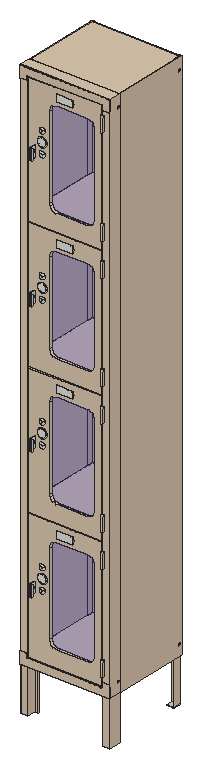
Revit family "Metal_Lockers-Salsbury_Industries-S_64000_Series-1_Wide_Units", category Specialty Equipment, Revit 2016 (continued)
Definition of nested family "See-Through Metal Locker Doors-12 inch with Latch Hasps"
  Forms (in)
    Extrusion 3, solid, material <- "Primary Structure Material", visible <- "Visible", detail levels fine
      sketch origin (0, 0, 3.218) x (0, -1, 0) y (1, 0, 0)
        loop
          line (0.3, 5.2005) -> (0.175, 5.2005) -> (0.175, 4.9505)
      from 0 to -2
    Extrusion 4, void
      sketch origin (0, -0.175, 0) x (1, 0, 0) y (0, 0, 1)
        loop
          line (-4.263, 9.399) -> (-4.263, 7.961) -> (-4.013, 7.961) -> (-4.013, 9.399) -> (-4.263, 9.399)
      from -0.9 to 0
    Blend 5, solid, material <- "Hasp Plate Rivet Material", visible <- "Visible", detail levels medium+fine
      base sketch origin (0, -0.175, 0) x (1, 0, 0) y (0, 0, 1)
        loop
          circle (-3.076, 8.68) r 0.375
      top sketch origin (0, -0.175, 0) x (1, 0, 0) y (0, 0, 1)
        loop
          circle (-3.076, 8.68) r 0.09706
      from 0 to 0.03497
    Blend 6, solid, material <- "Hasp Plate Rivet Material", visible <- "Visible", detail levels medium+fine
      base sketch origin (0, -0.175, 2.83682) x (1, 0, 0) y (0, 0, 1)
        loop
          circle (-3.076, 8.68) r 0.375
      top sketch origin (0, -0.175, 2.83682) x (1, 0, 0) y (0, 0, 1)
        loop
          circle (-3.076, 8.68) r 0.09706
      from 0 to 0.03497
    Blend 7, solid, material <- "Hasp Plate Rivet Material", visible <- "Visible", detail levels medium+fine
      base sketch origin (0, -0.175, -0.16841) x (1, 0, 0) y (0, 0, 1)
        loop
          circle (-3.076, 10.26682) r 0.625
      top sketch origin (0, -0.175, -0.16841) x (1, 0, 0) y (0, 0, 1)
        loop
          circle (-3.076, 10.26682) r 0.58088
      from 0 to 0.03497
    Extrusion 8, solid, material <- "Hasp Plate Rivet Material", visible <- "Visible", detail levels medium+fine
      sketch origin (0, 0, 7.961) x (0, -1, 0) y (1, 0, 0)
        loop
          line (-0.175, -4.07527) -> (-0.175, -4.13777) -> (0.925, -4.13777)
          arc (0.925, -4.13777) -> (0.96919, -4.11946) -> (0.9875, -4.07527) r 0.0625
          line (0.9875, -4.07527) -> (0.9875, -3.76277) -> (0.93079, -3.76277) -> (0.93079, -4.0127)
          arc (0.93079, -4.0127) -> (0.91246, -4.05694) -> (0.86822, -4.07527) r 0.06257
          line (0.86822, -4.07527) -> (-0.175, -4.07527)
      from 0 to 1.438
    Extrusion 9, solid, material <- "Hasp Plate Rivet Material", visible <- "Visible", detail levels medium+fine
      sketch origin (0, 0, 7.961) x (0, -1, 0) y (1, 0, 0)
        loop
          line (-0.175, -4.20027) -> (0.9875, -4.20027) -> (0.9875, -4.13777) -> (-0.175, -4.13777) -> (-0.175, -4.20027)
      from 0 to 1.438
    Extrusion 10, void
      sketch origin (-4.013, 0, 0) x (0, 0, -1) y (0, -1, 0)
        loop
          circle (-8.68, 0.54719) r 0.375
      from 0 to 0.25
    Extrusion 11, solid, material <- "Window Panel"
      sketch origin (0, 0.175, 0) x (1, 0, 0) y (0, 0, 1)
        loop
          line (-2.2995, 15.43) -> (-2.2995, 1.93) -> (4.2005, 1.93) -> (4.2005, 15.43) -> (-2.2995, 15.43)
      from 0 to -0.25
    Extrusion 12, solid, material <- "Hasp Plate Rivet Material", detail levels medium+fine
      sketch origin (0, -0.175, 0) x (1, 0, 0) y (0, 0, 1)
        loop
          arc (-1.06847, 16.58622) -> (-1.0946, 16.12349) -> (-1.06847, 15.66075) r 4.11054
          arc (-1.06847, 15.66075) -> (0, 15.622) -> (1.06847, 15.66075) r 14.75
          arc (1.06847, 15.66075) -> (1.0946, 16.12349) -> (1.06847, 16.58622) r 4.11054
          arc (1.06847, 16.58622) -> (0, 16.61467) -> (-1.06847, 16.58622) r 20.07893
      from 0 to 0.03497
  Cuts and joins
    Extrusion 4 cuts Extrusion 1
    Extrusion 10 cuts Extrusion 8
    Extrusion 10 cuts Extrusion 9
  Lines and regions (in)
    symbolic lines
      curve 1: line (-4.9505, 0.175, 17.36) -> (4.9505, 0.175, 17.36)
      curve 2: line (-4.9505, 0.175, 0) -> (-4.9505, 0.175, 17.36)
      curve 3: line (4.9505, 0.175, 0) -> (-4.9505, 0.175, 0)
      curve 4: line (4.9505, 0.175, 17.36) -> (4.9505, 0.175, 0)
      curve 5: line (-1.0495, 0.175, 15.18) -> (2.9505, 0.175, 15.18)
      curve 6: line (3.9505, 0.175, 14.18) -> (3.9505, 0.175, 3.18)
      curve 7: line (2.9505, 0.175, 2.18) -> (-1.0495, 0.175, 2.18)
      curve 8: line (-2.0495, 0.175, 3.18) -> (-2.0495, 0.175, 14.18)
      curve 9: arc (-2.0495, 0.175, 14.18) -> (-1.75661, 0.175, 14.88711) -> (-1.0495, 0.175, 15.18) r 1
      curve 10: arc (3.9505, 0.175, 14.18) -> (3.65761, 0.175, 14.88711) -> (2.9505, 0.175, 15.18) r 1
      curve 11: arc (2.9505, 0.175, 2.18) -> (3.65761, 0.175, 2.47289) -> (3.9505, 0.175, 3.18) r 1
      curve 12: arc (-1.0495, 0.175, 2.18) -> (-1.75661, 0.175, 2.47289) -> (-2.0495, 0.175, 3.18) r 1
      curve 13: circle (-3.076, 0.175, 11.51682) r 0.375 normal (0, -1, 0)
      curve 14: circle (-3.076, 0.175, 8.68) r 0.375 normal (0, -1, 0)
      curve 15: circle (-3.076, 0.175, 10.09841) r 0.625 normal (0, -1, 0)
      curve 16: line (-4.263, 0.175, 9.399) -> (-3.76277, 0.175, 9.399)
      curve 17: line (-4.263, 0.175, 7.961) -> (-4.263, 0.175, 9.399)
      curve 18: line (-3.76277, 0.175, 7.961) -> (-4.263, 0.175, 7.961)
      curve 19: line (-3.76277, 0.175, 9.399) -> (-3.76277, 0.175, 7.961)
      curve 20: line (-4.13777, 0.175, 9.399) -> (-4.13777, 0.175, 7.961)
      curve 21: line (-4.013, -0.9875, 9.399) -> (-4.013, -0.175, 9.399)
      curve 22: line (-4.013, -0.9875, 7.961) -> (-4.013, -0.9875, 9.399)
      curve 23: line (-4.013, -0.175, 7.961) -> (-4.013, -0.9875, 7.961)
      curve 24: line (-4.013, -0.175, 9.399) -> (-4.013, -0.175, 7.961)
      curve 25: circle (-4.013, -0.55258, 8.68) r 0.37238 normal (-1, 0, 0)
      curve 26: line (-4.20027, -0.175, 0) -> (-4.13777, -0.175, 0)
      curve 27: line (-4.20027, -0.9875, 0) -> (-4.20027, -0.175, 0)
      curve 28: line (-4.13777, -0.9875, 0) -> (-4.20027, -0.9875, 0)
      curve 29: line (-4.13777, -0.175, 0) -> (-4.13777, -0.9875, 0)
      curve 30: line (-4.07527, -0.17219, 0) -> (-4.07527, -0.86822, 0)
      curve 31: line (-3.76277, -0.93079, 0) -> (-4.0127, -0.93079, 0)
      curve 32: line (-3.76277, -0.93079, 0) -> (-3.76277, -0.9875, 0)
      curve 33: line (-3.76277, -0.9875, 0) -> (-4.07527, -0.9875, 0)
      curve 34: arc (-4.0127, -0.93079, 0) -> (-4.05694, -0.91246, 0) -> (-4.07527, -0.86822, 0) r 0.06257
      curve 35: arc (-4.07527, -0.9875, 0) -> (-4.11946, -0.96919, 0) -> (-4.13777, -0.925, 0) r 0.0625
  Dimensions and locks (in)
    equal spacing: plane 5 "Top of Door", plane 4 "Center (Top/Bottom)", plane 2 "Bottom of Door"
    "Height": plane 5 "Top of Door" to plane 2 "Bottom of Door"
    equal spacing: plane 8 "Front of Door", plane 1 "Center (Front/Back)", plane 9 "Back of Door"
    "Depth": plane 8 "Front of Door" to plane 9 "Back of Door"
    equal spacing: plane 7 "Left Side of Door", plane 3 "Center (Left/Right)", plane 6 "Right Side of Door"
    "Width": plane 7 "Left Side of Door" to plane 6 "Right Side of Door"
    "Number Plate Alignment": plane 5 "Top of Door" to plane 10 "Top of Number Plate" to plane 18
    "Window Width": plane 15 "Left Side of Window Cut Out" to plane 16 "Right Side of Window Cut Out"
    "Top of Window Vertical Alignment": plane 5 "Top of Door" to plane 11 "Top of Window Cut Out"
    "Window Height": plane 11 "Top of Window Cut Out" to plane 12 "Bottom of Window Cut Out"
    plane 25 "Top Hasp Stud Align" to plane 24 "Center Hasp Stud Align" to plane 13 "Top of Hasp Alignment" to plane 4 "Center (Top/Bottom)" to plane 14 "Bottom of Hasp Alignment" = 1.41841", 0.69941", 0.719", 0.719"
    "Hasp Height": plane 13 "Top of Hasp Alignment" to plane 14 "Bottom of Hasp Alignment"
    locked: plane 17 "Front of Louvers" to plane 8 "Front of Door" at 0.1875
    "Hinge 1 Placement": plane 5 "Top of Door" to plane 21 "Top of Hinge 1"
    "Hinge 2 Placement": plane 5 "Top of Door" to plane 20 "Top of Hinge 2"
    plane 7 "Left Side of Door" to plane 22 "Left Hasp Hole Align" to plane 23 "Right Hasp Hole Align" to plane 26 "Vertical Hasp Stud Align" = 0.6875" locked, 0.250" locked, 0.937" locked
    equal spacing: plane 15 "Left Side of Window Cut Out", plane 28 "Center of Window", plane 16 "Right Side of Window Cut Out"
    locked: plane 16 "Right Side of Window Cut Out" to plane 6 "Right Side of Door" at 1
    plane 32 to plane 31 = 1.000"
    plane 29 to plane 30 = 1.000"
    plane 33 to plane 34 = 1.000"
    plane 35 to plane 36 = 1.000"
    locked: plane 12 "Bottom of Window Cut Out" to plane 39 "Bottom of Window" at 0.25
    locked: plane 37 "Left Side of Window" to plane 15 "Left Side of Window Cut Out" at 0.25
    locked: plane 16 "Right Side of Window Cut Out" to plane 38 "Right Side of Window" at 0.25
    locked: plane 40 "Top of Window" to plane 11 "Top of Window Cut Out" at 0.25
    plane 23 "Right Hasp Hole Align" to plane 41 = 0.25023"
    plane 42 to plane 17 "Front of Louvers" = 0.625"
    aligned and locked: level to plane 2 "Bottom of Door"
    aligned and locked: plane 5 "Top of Door" to Extrusion 1 sketch curve
    aligned and locked: Extrusion 1 sketch curve to plane 7 "Left Side of Door"
    aligned and locked: plane 2 "Bottom of Door" to Extrusion 1 sketch curve
    aligned and locked: plane 6 "Right Side of Door" to Extrusion 1 sketch curve
    aligned and locked: plane 13 "Top of Hasp Alignment" to Extrusion 4 sketch curve
    aligned and locked: Extrusion 4 sketch curve to plane 22 "Left Hasp Hole Align"
    aligned and locked: Extrusion 4 sketch curve to plane 14 "Bottom of Hasp Alignment"
    aligned and locked: plane 23 "Right Hasp Hole Align" to Extrusion 4 sketch curve
    aligned and locked: plane 25 "Top Hasp Stud Align" to Blend 6 sketch curve  (x2)
    aligned and locked: plane 4 "Center (Top/Bottom)" to Blend 5 sketch curve  (x2)
    aligned and locked: plane 24 "Center Hasp Stud Align" to Blend 7 sketch curve  (x2)
    aligned and locked: plane 27 "Vertical Center Hasp Align" to Extrusion 9 sketch curve
    aligned and locked: plane 27 "Vertical Center Hasp Align" to Extrusion 8 sketch curve
    aligned and locked: plane 4 "Center (Top/Bottom)" to Extrusion 10 sketch curve
    aligned and locked: plane 11 "Top of Window Cut Out" to plane 29
    aligned and locked: plane 12 "Bottom of Window Cut Out" to plane 31
    aligned and locked: plane 16 "Right Side of Window Cut Out" to plane 36
    aligned and locked: plane 15 "Left Side of Window Cut Out" to plane 33
    aligned and locked: plane 29 to Extrusion 1 sketch curve  (x2)
    aligned and locked: plane 30 to Extrusion 1 sketch curve  (x2)
    aligned and locked: Extrusion 1 sketch curve to plane 33
    aligned and locked: Extrusion 1 sketch curve to plane 34
    aligned and locked: Extrusion 1 sketch curve to plane 36
    aligned and locked: Extrusion 1 sketch curve to plane 35
    aligned and locked: plane 31 to Extrusion 1 sketch curve  (x2)
    aligned and locked: plane 32 to Extrusion 1 sketch curve  (x2)
    aligned and locked: plane 33 to Extrusion 1 sketch curve
    aligned and locked: plane 34 to Extrusion 1 sketch curve
    aligned and locked: plane 36 to Extrusion 1 sketch curve
    aligned and locked: plane 35 to Extrusion 1 sketch curve
    aligned and locked: plane 8 "Front of Door" to cut or joined group of Extrusion 1, Extrusion 4
    aligned and locked: cut or joined group of Extrusion 1, Extrusion 4 to plane 9 "Back of Door"
    aligned and locked: plane 5 "Top of Door" to curve 1
    aligned and locked: curve 2 to plane 7 "Left Side of Door"
    aligned and locked: plane 6 "Right Side of Door" to curve 4
    aligned and locked: plane 2 "Bottom of Door" to curve 3
    aligned and locked: curve 5 to cut or joined group of Extrusion 1, Extrusion 4
    aligned and locked: curve 6 to cut or joined group of Extrusion 1, Extrusion 4
    aligned and locked: curve 7 to cut or joined group of Extrusion 1, Extrusion 4
    aligned and locked: curve 8 to cut or joined group of Extrusion 1, Extrusion 4
    aligned and locked: plane 13 "Top of Hasp Alignment" to curve 16
    aligned and locked: curve 18 to plane 14 "Bottom of Hasp Alignment"
    aligned and locked: curve 17 to plane 22 "Left Hasp Hole Align"
    aligned and locked: plane 41 to curve 19
    aligned and locked: plane 14 "Bottom of Hasp Alignment" to curve 20
    aligned and locked: plane 13 "Top of Hasp Alignment" to curve 20
    aligned and locked: plane 27 "Vertical Center Hasp Align" to curve 20
    aligned and locked: plane 8 "Front of Door" to curve 24
    aligned and locked: curve 23 to plane 14 "Bottom of Hasp Alignment"
    aligned and locked: plane 13 "Top of Hasp Alignment" to curve 21
    aligned and locked: curve 22 to plane 42
    aligned and locked: plane 27 "Vertical Center Hasp Align" to curve 29
    aligned and locked: curve 27 to plane 43
    aligned and locked: plane 8 "Front of Door" to curve 26
    aligned and locked: curve 30 to cut or joined group of Extrusion 8, Extrusion 10
    aligned and locked: curve 31 to cut or joined group of Extrusion 8, Extrusion 10
    aligned and locked: curve 32 to cut or joined group of Extrusion 8, Extrusion 10
    aligned and locked: curve 33 to cut or joined group of Extrusion 8, Extrusion 10
  Automatic sketch dimensions
    Extrusion 2 sketch curve to plane 6 "Right Side of Door" = 0.000"
    plane 8 "Front of Door" to Extrusion 2 sketch curve = 0.000"
    Extrusion 2 sketch curve to plane 17 "Front of Louvers" = 0.0625"
    Extrusion 2 sketch curve to plane 6 "Right Side of Door" = 0.125"
    Extrusion 3 sketch curve to plane 6 "Right Side of Door" = 0.000"
    plane 8 "Front of Door" to Extrusion 3 sketch curve = 0.000"
    Extrusion 3 sketch curve to plane 17 "Front of Louvers" = 0.0625"
    Extrusion 3 sketch curve to plane 6 "Right Side of Door" = 0.125"
    plane 26 "Vertical Hasp Stud Align" to Blend 5 sketch curve = 0.000"  (x2)
    plane 26 "Vertical Hasp Stud Align" to Blend 6 sketch curve = 0.000"  (x2)
    Extrusion 8 sketch curve to plane 1 "Center (Front/Back)" = 0.175"
    plane 23 "Right Hasp Hole Align" to Extrusion 8 sketch curve = 0.06227"
    Extrusion 8 sketch curve to plane 23 "Right Hasp Hole Align" = 0.0003"
    plane 17 "Front of Louvers" to Extrusion 8 sketch curve = 0.50572"
    Extrusion 8 sketch curve to Extrusion 8 sketch curve = 0.05678"
    Extrusion 8 sketch curve to Extrusion 8 sketch curve = 0.24993"
    plane 9 "Back of Door" to Extrusion 9 sketch curve = 0.000"
    plane 17 "Front of Louvers" to Extrusion 9 sketch curve = 0.625"
    Extrusion 9 sketch curve to plane 22 "Left Hasp Hole Align" = 0.06273"
    Extrusion 8 sketch curve to Extrusion 8 sketch curve = 0.06257"
    plane 17 "Front of Louvers" to Extrusion 10 sketch curve = 0.18469"
    plane 26 "Vertical Hasp Stud Align" to Blend 7 sketch curve = 0.000"  (x2)
    plane 37 "Left Side of Window" to Extrusion 11 sketch curve = 0.000"
    plane 38 "Right Side of Window" to Extrusion 11 sketch curve = 0.000"
    Extrusion 11 sketch curve to plane 39 "Bottom of Window" = 0.000"
    plane 40 "Top of Window" to Extrusion 11 sketch curve = 0.000"
    Extrusion 12 sketch curve to plane 3 "Center (Left/Right)" = 0.000"  (x2)
    Extrusion 12 sketch curve to plane 26 "Vertical Hasp Stud Align" = 0.06006"
    plane 21 "Top of Hinge 1" to Extrusion 12 sketch curve = 0.11151"  (x2)
    plane 16 "Right Side of Window Cut Out" to Extrusion 12 sketch curve = 0.93456"
    Extrusion 12 sketch curve to level = 3.46426"
    Extrusion 12 sketch curve to plane 5 "Top of Door" = 13.012"
    plane 10 "Top of Number Plate" to Extrusion 12 sketch curve = 0.03578"  (x2)
    Extrusion 12 sketch curve to plane 19 "Center Hasp" = 0.70703"
    Extrusion 12 sketch curve to plane 18 = 0.03875"
    curve 13 to plane 25 "Top Hasp Stud Align" = 0.000"
    plane 26 "Vertical Hasp Stud Align" to curve 13 = 0.000"
    curve 14 to plane 4 "Center (Top/Bottom)" = 0.000"
    plane 26 "Vertical Hasp Stud Align" to curve 14 = 0.000"
    curve 15 to plane 24 "Center Hasp Stud Align" = 0.000"
    plane 26 "Vertical Hasp Stud Align" to curve 15 = 0.000"
    curve 7 to plane 19 "Center Hasp" = 0.726"
    curve 5 to plane 19 "Center Hasp" = 0.726"
    plane 16 "Right Side of Window Cut Out" to curve 7 = 1.000"
    plane 16 "Right Side of Window Cut Out" to curve 5 = 1.000"
    plane 4 "Center (Top/Bottom)" to curve 25 = 0.000"
    plane 17 "Front of Louvers" to curve 25 = 0.19008"
    plane 42 to curve 29 = 0.000"
    curve 35 to curve 30 = 0.000"
    curve 34 to plane 23 "Right Hasp Hole Align" = 0.0003"
    curve 30 to plane 8 "Front of Door" = 0.00281"
    radius of Blend 5 sketch curve = 0.375"
    radius of Blend 5 sketch curve = 0.09706"
    radius of Blend 6 sketch curve = 0.375"
    radius of Blend 6 sketch curve = 0.09706"
    radius of Extrusion 10 sketch curve = 0.375"
    radius of Blend 7 sketch curve = 0.625"
    radius of Blend 7 sketch curve = 0.58088"
    radius of curve 13 = 0.375"
    radius of curve 14 = 0.375"
    radius of curve 15 = 0.625"
    radius of curve 25 = 0.37238"
Definition of nested family "Metal Locker Front Base"
  Parameters (values of type "77742 - for 12" W Lockers with Legs")
    Width = 10.040"
    Visible [instance] = yes
    Version = "1.0 (11/30/15)"
    Type Comments = "Front Base for Standard Metal Lockers"
    Primary Structure Material = none
    Model = "77742"
    MasterFormat Title = ""
    MasterFormat Number = ""
    Manufacturer = "Salsbury Industries"
    Description = "Front Base for 12\" Wide Lockers"
    Depth = 1.185"
    Height = 6.000"
    Assembly Code = ""
  Types (3): name | Width | Visible | Model | Description
    77742 - for 12" W Lockers with Legs | 10.040" | yes | "77742" | "Front Base for 12\" Wide Lockers"
    77745 - for 15" W Lockers with Legs | 13.040" | yes | "77745" | "Front Base for 15\" Wide Lockers"
    None | 10.040" | no | "77742" | "Front Base for 12\" Wide Lockers"
  Reference planes (in)
    plane 1 "Center (Front/Back)": y = -5.417
    plane 2: z = 0
    plane 3 "Center (Left/Right)": x = 0
    plane 4 "Floor": z = 0
    plane 5 "Top of Enclosure": z = 6
    plane 6 "Front of Enclosure": y = -6.005
    plane 7 "Right Side of Enclosure": x = 5.02
    plane 8 "Left Side of Enclosure": x = -5.02
    plane 9 "Back of Enclosure": y = -4.82
  Forms (in)
    Extrusion 1, solid, material <- "Primary Structure Material", visible <- "Visible"
      sketch origin (0, -6.005, 0) x (1, 0, 0) y (0, 0, 1)
        loop
          line (-5.02, 6) -> (-5.02, 0) -> (5.02, 0) -> (5.02, 6) -> (-5.02, 6)
      from -0.06 to 0
    Extrusion 2, solid, material <- "Primary Structure Material", visible <- "Visible"
      sketch origin (0, 0, 0) x (0, 1, 0) y (0, 0, 1)
        loop
          line (-5.945, 6) -> (-5.945, 5.94) -> (-4.82, 5.94) -> (-4.82, 6) -> (-5.945, 6)
      from -5.02 to 5.02
    Extrusion 3, solid, material <- "Primary Structure Material", visible <- "Visible"
      sketch origin (5.02, 0, 0) x (0, 0, -1) y (0, -1, 0)
        loop
          line (-5.75, 5.945) -> (-5.75, 4.82) -> (-0.25, 4.82) -> (-0.25, 5.945) -> (-5.75, 5.945)
      from 0 to 0.06
    Extrusion 4, solid, material <- "Primary Structure Material", visible <- "Visible"
      sketch origin (-5.02, 0, 0) x (0, 0, -1) y (0, -1, 0)
        loop
          line (-5.75, 5.945) -> (-5.75, 4.82) -> (-0.25, 4.82) -> (-0.25, 5.945) -> (-5.75, 5.945)
      from 0 to -0.06
  Dimensions and locks (in)
    "Height": plane 5 "Top of Enclosure" to plane 4 "Floor"
    plane 6 "Front of Enclosure" to plane 1 "Center (Front/Back)" = 0.588"
    "Depth": plane 6 "Front of Enclosure" to plane 9 "Back of Enclosure"
    equal spacing: plane 8 "Left Side of Enclosure", plane 3 "Center (Left/Right)", plane 7 "Right Side of Enclosure"
    "Width": plane 8 "Left Side of Enclosure" to plane 7 "Right Side of Enclosure"
    aligned and locked: level to plane 2
    aligned and locked: plane 8 "Left Side of Enclosure" to Extrusion 2
    aligned and locked: Extrusion 2 to plane 7 "Right Side of Enclosure"
    aligned and locked: Extrusion 1 to plane 7 "Right Side of Enclosure"
  Automatic sketch dimensions
    Extrusion 1 sketch curve to Extrusion 1 sketch curve = 10.040"
    Extrusion 1 sketch curve to Extrusion 1 sketch curve = 6.000"
    Extrusion 2 sketch curve to Extrusion 2 sketch curve = 1.125"
    Extrusion 2 sketch curve to Extrusion 2 sketch curve = 0.060"
    Extrusion 3 sketch curve to Extrusion 3 sketch curve = 5.500"
    Extrusion 3 sketch curve to Extrusion 3 sketch curve = 1.125"
    Extrusion 4 sketch curve to Extrusion 4 sketch curve = 5.500"
    Extrusion 4 sketch curve to Extrusion 4 sketch curve = 1.125"
    Extrusion 1 sketch curve to level = 0.000"
    plane 8 "Left Side of Enclosure" to Extrusion 1 sketch curve = 0.000"
    plane 5 "Top of Enclosure" to Extrusion 2 sketch curve = 0.000"
    Extrusion 2 sketch curve to plane 9 "Back of Enclosure" = 0.000"
    Extrusion 3 sketch curve to plane 9 "Back of Enclosure" = 0.000"
    plane 5 "Top of Enclosure" to Extrusion 3 sketch curve = 0.250"
    Extrusion 4 sketch curve to plane 9 "Back of Enclosure" = 0.000"
    plane 5 "Top of Enclosure" to Extrusion 4 sketch curve = 0.250"
Definition of nested family "Metal Locker Right Side Base"
  Parameters (values of type "77732 Right - for 12" D Lockers with Legs")
    Width including Rivet [instance] = 1.290"
    Visible = yes
    Primary Structure Material = none
    Depth = 10.422"
    Version = "1.0 (11/30/15)"
    Type Comments = "End Base for Standard Metal Lockers"
    Model = "77732"
    MasterFormat Title = ""
    MasterFormat Number = ""
    Manufacturer = "Salsbury Industries"
    Description = "1.25\"W x 6\" H x 10\"D"
    Width = 1.250"
    Height = 6.000"
    Assembly Code = ""
  Types (4): name | Visible | Depth | Model | Description
    77732 Right - for 12" D Lockers with Legs | yes | 10.422" | "77732" | "1.25\"W x 6\" H x 10\"D"
    77735 Right - for 15" D Lockers with Legs | yes | 13.422" | "77735" | "1.25\"W x 6\" H x 13\"D"
    77738 Right - for 18" D Lockers with Legs | yes | 16.422" | "77738" | "1.25\"W x 6\" H x 16\"D"
    None | no | 10.422" | "" | ""
  Reference planes (in)
    plane 1 "Center (Front/Back)": y = 0
    plane 2: z = 0
    plane 3 "Center (Left/Right)": x = 5.395
    plane 4 "Floor": z = 0
    plane 5 "Top of Enclosure": z = 6
    plane 6 "Left Side of Unit": x = 4.77
    plane 7 "Right Side of Unit": x = 6.02
    plane 8 "Left Edge of Enclosure": y = -5.211
    plane 9 "Right Edge of Enclosure": y = 5.211
    plane 10 "Left Edge of Insert": y = -6.27647
    plane 11 "Right Edge of Insert": y = -5.15147
    plane 12 "Rivet Edge": x = 6.06
  Forms (in)
    Extrusion 1, solid, material <- "Primary Structure Material", visible <- "Visible"
      sketch origin (6.02, 0, 0) x (0, 0, -1) y (0, -1, 0)
        loop
          line (-6, 5.211) -> (-6, -5.211) -> (0, -5.211) -> (0, 5.211) -> (-6, 5.211)
      from 0 to 0.06
    Extrusion 2, solid, material <- "Primary Structure Material", visible <- "Visible"
      sketch origin (0, 0, 6) x (0, -1, 0) y (1, 0, 0)
        loop
          line (5.15147, 5.96) -> (5.15147, 5.9) -> (6.27647, 5.9) -> (6.27647, 5.96) -> (5.15147, 5.96)
      from -6 to 0
    Extrusion 3, solid, material <- "Primary Structure Material", visible <- "Visible"
      sketch origin (6.02, 0, 0) x (0, 0, -1) y (0, -1, 0)
        loop
          line (-6, 4.90147) -> (-6, -3.961) -> (-5.94, -3.961) -> (-5.94, 4.90147) -> (-6, 4.90147)
      from 0.06 to 1.25
    Extrusion 4, solid, material <- "Primary Structure Material", visible <- "Visible"
      sketch origin (6.02, 0, -5.94) x (0, 0, -1) y (0, -1, 0)
        loop
          line (-6, 4.90147) -> (-6, -3.961) -> (-5.94, -3.961) -> (-5.94, 4.90147) -> (-6, 4.90147)
      from 0.06 to 1.25
  Dimensions and locks (in)
    "Height": plane 5 "Top of Enclosure" to plane 4 "Floor"
    plane 10 "Left Edge of Insert" to plane 8 "Left Edge of Enclosure" to plane 11 "Right Edge of Insert" = 1.06547" locked, 0.05953" locked
    equal spacing: plane 8 "Left Edge of Enclosure", plane 1 "Center (Front/Back)", plane 9 "Right Edge of Enclosure"
    "Depth": plane 8 "Left Edge of Enclosure" to plane 9 "Right Edge of Enclosure"
    equal spacing: plane 6 "Left Side of Unit", plane 3 "Center (Left/Right)", plane 7 "Right Side of Unit"
    "Width": plane 6 "Left Side of Unit" to plane 7 "Right Side of Unit"
    locked: plane 7 "Right Side of Unit" to plane 12 "Rivet Edge" at 0.04
    "Width including Rivet": plane 6 "Left Side of Unit" to plane 12 "Rivet Edge"
    aligned and locked: level to plane 2
    aligned and locked: plane 11 "Right Edge of Insert" to Extrusion 2
    aligned and locked: plane 10 "Left Edge of Insert" to Extrusion 2
    aligned and locked: Extrusion 3 to Extrusion 1
    aligned and locked: plane 6 "Left Side of Unit" to Extrusion 3
  Automatic sketch dimensions
    plane 5 "Top of Enclosure" to Extrusion 1 sketch curve = 0.000"
    Extrusion 1 sketch curve to level = 0.000"
    Extrusion 2 sketch curve to plane 8 "Left Edge of Enclosure" = 0.05953"
    plane 7 "Right Side of Unit" to Extrusion 2 sketch curve = 0.120"
    Extrusion 2 sketch curve to Extrusion 2 sketch curve = 0.060"
    Extrusion 1 sketch curve to plane 8 "Left Edge of Enclosure" = 0.000"
    Extrusion 1 sketch curve to plane 9 "Right Edge of Enclosure" = 0.000"
    plane 10 "Left Edge of Insert" to Extrusion 2 sketch curve = 0.000"
    plane 5 "Top of Enclosure" to Extrusion 3 sketch curve = 0.000"
    Extrusion 3 sketch curve to Extrusion 3 sketch curve = 0.060"
    plane 9 "Right Edge of Enclosure" to Extrusion 3 sketch curve = 1.250"
    Extrusion 3 sketch curve to plane 11 "Right Edge of Insert" = 0.250"
    Extrusion 4 sketch curve to level = 0.000"
    level to Extrusion 4 sketch curve = 0.060"
    plane 9 "Right Edge of Enclosure" to Extrusion 4 sketch curve = 1.250"
    Extrusion 4 sketch curve to plane 11 "Right Edge of Insert" = 0.250"
Definition of nested family "Metal Locker Left Side Base"
  Parameters (values of type "77732 Left - for 12" D Lockers with Legs")
    Width including Rivet [instance] = 1.290"
    Visible = yes
    Primary Structure Material = none
    Depth = 10.422"
    Version = "1.0 (11/30/15)"
    Type Comments = "End Base for Standard Metal Lockers"
    Model = "77732"
    MasterFormat Title = ""
    MasterFormat Number = ""
    Manufacturer = "Salsbury Industries"
    Description = "1.25\"W x 6\" H x 10\"D"
    Width = 1.250"
    Height = 6.000"
    Assembly Code = ""
  Types (4): name | Visible | Depth | Model | Description
    77732 Left - for 12" D Lockers with Legs | yes | 10.422" | "77732" | "1.25\"W x 6\" H x 10\"D"
    77735 Left - for 15" D Lockers with Legs | yes | 13.422" | "77735" | "1.25\"W x 6\" H x 13\"D"
    77738 Left - for 18" D Lockers with Legs | yes | 16.422" | "77738" | "1.25\"W x 6\" H x 16\"D"
    None | no | 10.422" | "" | ""
  Reference planes (in)
    plane 1 "Center (Front/Back)": y = 0
    plane 2: z = 0
    plane 3 "Center (Left/Right)": x = 5.395
    plane 4 "Floor": z = 0
    plane 5 "Top of Enclosure": z = 6
    plane 6 "Left Side of Unit": x = 4.77
    plane 7 "Right Side of Unit": x = 6.02
    plane 8 "Left Edge of Enclosure": y = -5.211
    plane 9 "Right Edge of Enclosure": y = 5.211
    plane 10 "Left Edge of Insert": y = -6.27647
    plane 11 "Right Edge of Insert": y = -5.15147
    plane 12 "Edge of Rivet": x = 4.73
  Forms (in)
    Extrusion 1, solid, material <- "Primary Structure Material", visible <- "Visible"
      sketch origin (6.02, 0, 0) x (0, 0, -1) y (0, -1, 0)
        loop
          line (-6, 4.90147) -> (-6, -3.961) -> (-5.94, -3.961) -> (-5.94, 4.90147) -> (-6, 4.90147)
      from 0 to 1.19
    Extrusion 2, solid, material <- "Primary Structure Material", visible <- "Visible"
      sketch origin (6.02, 0, -5.94) x (0, 0, -1) y (0, -1, 0)
        loop
          line (-6, 4.90147) -> (-6, -3.961) -> (-5.94, -3.961) -> (-5.94, 4.90147) -> (-6, 4.90147)
      from 0 to 1.19
    Extrusion 3, solid, material <- "Primary Structure Material", visible <- "Visible"
      sketch origin (4.77, 0, 0) x (0, 0, -1) y (0, 1, 0)
        loop
          line (-6, -5.211) -> (0, -5.211) -> (0, 5.211) -> (-6, 5.211) -> (-6, -5.211)
      from 0 to 0.06
    Extrusion 4, solid, material <- "Primary Structure Material", visible <- "Visible"
      sketch origin (10.79, 0, 6) x (0, -1, 0) y (1, 0, 0)
        loop
          line (5.15147, -5.96) -> (6.27647, -5.96) -> (6.27647, -5.9) -> (5.15147, -5.9) -> (5.15147, -5.96)
      from -6 to 0
  Dimensions and locks (in)
    "Height": plane 5 "Top of Enclosure" to plane 4 "Floor"
    plane 10 "Left Edge of Insert" to plane 8 "Left Edge of Enclosure" to plane 11 "Right Edge of Insert" = 1.06547" locked, 0.05953" locked
    equal spacing: plane 8 "Left Edge of Enclosure", plane 1 "Center (Front/Back)", plane 9 "Right Edge of Enclosure"
    "Depth": plane 8 "Left Edge of Enclosure" to plane 9 "Right Edge of Enclosure"
    equal spacing: plane 6 "Left Side of Unit", plane 3 "Center (Left/Right)", plane 7 "Right Side of Unit"
    "Width": plane 6 "Left Side of Unit" to plane 7 "Right Side of Unit"
    "Width including Rivet": plane 12 "Edge of Rivet" to plane 7 "Right Side of Unit"
    plane 12 "Edge of Rivet" to plane 6 "Left Side of Unit" = 0.040"
    aligned and locked: level to plane 2
    aligned and locked: Extrusion 1 to Extrusion 3
    aligned and locked: Extrusion 2 to Extrusion 3
  Automatic sketch dimensions
    plane 5 "Top of Enclosure" to Extrusion 1 sketch curve = 0.000"
    Extrusion 1 sketch curve to Extrusion 1 sketch curve = 0.060"
    plane 9 "Right Edge of Enclosure" to Extrusion 1 sketch curve = 1.250"
    Extrusion 1 sketch curve to plane 11 "Right Edge of Insert" = 0.250"
    Extrusion 2 sketch curve to level = 0.000"
    level to Extrusion 2 sketch curve = 0.060"
    plane 9 "Right Edge of Enclosure" to Extrusion 2 sketch curve = 1.250"
    Extrusion 2 sketch curve to plane 11 "Right Edge of Insert" = 0.250"
    plane 5 "Top of Enclosure" to Extrusion 3 sketch curve = 0.000"
    Extrusion 3 sketch curve to level = 0.000"
    Extrusion 3 sketch curve to plane 8 "Left Edge of Enclosure" = 0.000"
    Extrusion 3 sketch curve to plane 9 "Right Edge of Enclosure" = 0.000"
    plane 11 "Right Edge of Insert" to Extrusion 4 sketch curve = 0.000"
    plane 10 "Left Edge of Insert" to Extrusion 4 sketch curve = 0.000"
    plane 6 "Left Side of Unit" to Extrusion 4 sketch curve = 0.120"
    Extrusion 4 sketch curve to Extrusion 4 sketch curve = 0.060"
Definition of nested family "Metal Locker Zee Base"
  Parameters (values of type "77578 - 12"W x 18" D (Bridge)")
    Width = 12.007"
    Visible = yes
    Version = "1.0 (11/30/15)"
    Type Comments = "Zee Base Kit for Standard Metal Lockers - No Legs"
    Primary Structure Material = none
    Model = "77578"
    MasterFormat Title = ""
    MasterFormat Number = ""
    Manufacturer = "Salsbury Industries"
    Description = "4\" H x 6' L - for 12\" Deep Lockers (Includes 6 Foot Front Base, 2 End Bases, Corner Splicer and 4 Rear Legs)"
    Depth = 18.010"
    Height = 4.000"
    Assembly Code = ""
  Types (7): name | Width | Visible | Model | Depth
    77572- 12" W x 12" D | 12.040" | yes | "77572" | 12.010"
    77575 - 12" W x 15" D | 12.040" | yes | "77575" | 15.010"
    77578 - 12"W x 18"D | 12.040" | yes | "77578" | 18.010"
    77575 - 15"W x 15"D | 15.040" | yes | "77575" | 15.010"
    77578 - 15"W x 18"D | 15.040" | yes | "77578" | 18.010"
    None | 12.040" | no | "77572" | 12.010"
    77578 - 12"W x 18" D (Bridge) | 12.007" | yes | "77578" | 18.010"
  Reference planes (in)
    plane 1 "Center (Front/Back)": y = 0
    plane 2: z = 0
    plane 3 "Center (Left/Right)": x = 0
    plane 4 "Floor": z = 0
    plane 5 "Bottom of Unit": z = 4
    plane 6 "Left Side of Unit": x = -6.0035
    plane 7 "Right Side of Unit": x = 6.0035
    plane 8 "Back of Unit": y = 9.005
    plane 9 "Front of Unit": y = -9.005
    plane 10 "Right Side of Door Opening": x = 5.0035
    plane 11 "Left Side of Door Opening": x = -5.0035
    plane 12 "Top of back legs": z = 4.185
    plane 13 "Back Edge of Front Facing": y = -7.417
    plane 14 "Inside Edge of Front Leg": x = -4.5635
    plane 15 "Inside Edge of Right Leg": x = 4.5635
    plane 16: y = -7.82
    plane 17 "Back Edge of Rear Legs": y = 8.895
    plane 18 "Right Edge of Rear Right Leg": x = 5.8835
    plane 19 "Left Edge or Rear Left Leg": x = -5.8835
    plane 20: y = 7.895
    plane 21 "Inside Edge or Rear Right Leg": x = 4.8835
    plane 22 "Inside Edge or Left Rear Leg": x = -4.8835
  Forms (in)
    Extrusion 1, solid, material <- "Primary Structure Material", visible <- "Visible"
      sketch origin (0, 0, 0) x (0, -1, 0) y (1, 0, 0)
        loop
          line (-8.895, 5.8835) -> (-8.895, 4.8835) -> (-8.835, 4.8835) -> (-8.835, 5.8235) -> (-7.895, 5.8235) -> (-7.895, 5.8835) -> (-8.895, 5.8835)
      from 0.06 to 4.185
    Extrusion 2, solid, material <- "Primary Structure Material", visible <- "Visible"
      sketch origin (0, 0, 0) x (0, -1, 0) y (1, 0, 0)
        loop
          line (-8.895, 5.8835) -> (-8.895, 4.8835) -> (-7.895, 4.8835) -> (-7.895, 5.8835) -> (-8.895, 5.8835)
      from 0 to 0.06
    Extrusion 3, solid, material <- "Primary Structure Material", visible <- "Visible"
      sketch origin (0, 0, 0) x (0, -1, 0) y (1, 0, 0)
        loop
          line (-8.895, -5.8835) -> (-7.895, -5.8835) -> (-7.895, -5.8235) -> (-8.835, -5.8235) -> (-8.835, -4.8835) -> (-8.895, -4.8835) -> (-8.895, -5.8835)
      from 0.06 to 4.185
    Extrusion 4, solid, material <- "Primary Structure Material", visible <- "Visible"
      sketch origin (0, 0, 0) x (0, -1, 0) y (1, 0, 0)
        loop
          line (-8.895, -5.8835) -> (-7.895, -5.8835) -> (-7.895, -4.8835) -> (-8.895, -4.8835) -> (-8.895, -5.8835)
      from 0 to 0.06
    Extrusion 5, solid, material <- "Primary Structure Material", visible <- "Visible"
      sketch origin (0, 0, 0) x (0, 1, 0) y (0, 0, 1)
        loop
          line (-9.005, 4) -> (-9.005, 3.94) -> (-7.417, 3.94) -> (-7.417, 0) -> (-5.769, 0) -> (-5.769, 0.06) -> (-7.357, 0.06) -> (-7.357, 4) -> (-9.005, 4)
      from -6.0035 to 6.0035
  Dimensions and locks (in)
    equal spacing: plane 6 "Left Side of Unit", plane 3 "Center (Left/Right)", plane 7 "Right Side of Unit"
    "Width": plane 6 "Left Side of Unit" to plane 7 "Right Side of Unit"
    "Height": plane 5 "Bottom of Unit" to plane 4 "Floor"
    equal spacing: plane 9 "Front of Unit", plane 1 "Center (Front/Back)", plane 8 "Back of Unit"
    "Depth": plane 9 "Front of Unit" to plane 8 "Back of Unit"
    plane 12 "Top of back legs" to plane 5 "Bottom of Unit" = 0.185"
    plane 6 "Left Side of Unit" to plane 11 "Left Side of Door Opening" = 1.000"
    plane 10 "Right Side of Door Opening" to plane 7 "Right Side of Unit" = 1.000"
    locked: plane 9 "Front of Unit" to plane 13 "Back Edge of Front Facing" at 1.588
    plane 11 "Left Side of Door Opening" to plane 14 "Inside Edge of Front Leg" = 0.440"
    plane 15 "Inside Edge of Right Leg" to plane 10 "Right Side of Door Opening" = 0.440"
    plane 9 "Front of Unit" to plane 16 = 1.185"
    plane 15 "Inside Edge of Right Leg" to plane 21 "Inside Edge or Rear Right Leg" to plane 10 "Right Side of Door Opening" to plane 18 "Right Edge of Rear Right Leg" to plane 7 "Right Side of Unit" = 0.320", 0.120", 0.880", 0.120"
    plane 6 "Left Side of Unit" to plane 19 "Left Edge or Rear Left Leg" to plane 11 "Left Side of Door Opening" to plane 22 "Inside Edge or Left Rear Leg" to plane 14 "Inside Edge of Front Leg" = 0.120", 0.880", 0.120", 0.320"
    plane 20 to plane 17 "Back Edge of Rear Legs" to plane 8 "Back of Unit" = 1.000", 0.110"
    aligned and locked: level to plane 2
    aligned and locked: Extrusion 1 to Extrusion 2
    aligned and locked: Extrusion 4 to Extrusion 3
    aligned and locked: Extrusion 1 to plane 18 "Right Edge of Rear Right Leg"
    aligned and locked: Extrusion 1 to plane 17 "Back Edge of Rear Legs"
    aligned and locked: Extrusion 3 to plane 19 "Left Edge or Rear Left Leg"
    aligned and locked: Extrusion 3 to plane 17 "Back Edge of Rear Legs"
    aligned and locked: Extrusion 1 to plane 12 "Top of back legs"
    aligned and locked: Extrusion 3 to plane 12 "Top of back legs"
    aligned and locked: Extrusion 5 to plane 7 "Right Side of Unit"
    aligned and locked: plane 6 "Left Side of Unit" to Extrusion 5
  Automatic sketch dimensions
    plane 17 "Back Edge of Rear Legs" to Extrusion 1 sketch curve = 0.000"
    Extrusion 1 sketch curve to plane 21 "Inside Edge or Rear Right Leg" = 0.000"
    Extrusion 1 sketch curve to plane 18 "Right Edge of Rear Right Leg" = 0.000"
    plane 20 to Extrusion 1 sketch curve = 0.000"
    plane 17 "Back Edge of Rear Legs" to Extrusion 1 sketch curve = 0.060"
    plane 18 "Right Edge of Rear Right Leg" to Extrusion 1 sketch curve = 0.060"
    plane 17 "Back Edge of Rear Legs" to Extrusion 2 sketch curve = 0.000"
    Extrusion 2 sketch curve to plane 18 "Right Edge of Rear Right Leg" = 0.000"
    plane 20 to Extrusion 2 sketch curve = 0.000"
    Extrusion 2 sketch curve to plane 21 "Inside Edge or Rear Right Leg" = 0.000"
    plane 17 "Back Edge of Rear Legs" to Extrusion 3 sketch curve = 0.000"
    Extrusion 3 sketch curve to plane 22 "Inside Edge or Left Rear Leg" = 0.000"
    Extrusion 3 sketch curve to plane 19 "Left Edge or Rear Left Leg" = 0.000"
    plane 20 to Extrusion 3 sketch curve = 0.000"
    Extrusion 3 sketch curve to plane 17 "Back Edge of Rear Legs" = 0.060"
    Extrusion 3 sketch curve to plane 19 "Left Edge or Rear Left Leg" = 0.060"
    plane 17 "Back Edge of Rear Legs" to Extrusion 4 sketch curve = 0.000"
    Extrusion 4 sketch curve to plane 19 "Left Edge or Rear Left Leg" = 0.000"
    plane 20 to Extrusion 4 sketch curve = 0.000"
    Extrusion 4 sketch curve to plane 22 "Inside Edge or Left Rear Leg" = 0.000"
    Extrusion 5 sketch curve to plane 9 "Front of Unit" = 0.000"
    Extrusion 5 sketch curve to level = 0.000"
    Extrusion 5 sketch curve to plane 13 "Back Edge of Front Facing" = 0.000"
    plane 5 "Bottom of Unit" to Extrusion 5 sketch curve = 0.000"
    Extrusion 5 sketch curve to plane 13 "Back Edge of Front Facing" = 0.060"
    Extrusion 5 sketch curve to Extrusion 5 sketch curve = 1.588"
    level to Extrusion 5 sketch curve = 0.060"
    plane 5 "Bottom of Unit" to Extrusion 5 sketch curve = 0.060"
Definition of nested family "Metal Locker Zee Base-Right Side"
  Parameters (values of type "77578 Right - 18" D")
    Width including Rivet [instance] = 1.290"
    Visible = yes
    Primary Structure Material = none
    Depth = 16.362"
    Version = "1.0 (11/30/15)"
    Type Comments = "Zee Base Kit for Standard Metal Lockers - No Legs"
    Model = "77578"
    MasterFormat Title = ""
    MasterFormat Number = ""
    Manufacturer = "Salsbury Industries"
    Description = "4\" H x 6' L - for 12\" Deep Lockers (Includes 6 Foot Front Base, 2 End Bases, Corner Splicer and 4 Rear Legs)"
    Width = 4.000"
    Height = 4.000"
    Assembly Code = ""
  Types (4): name | Visible | Depth | Type Comments | Model | Description
    77572 Right - 12" D | yes | 10.362" | "Zee Base Kit for Standard Metal Lockers - No Legs" | "77572" | "4\" H x 6' L - for 12\" Deep Lockers (Includes 6 Foot Front Base, 2 End Bases, Corner Splicer and 4 Rear Legs)"
    77575 Right - 15" D | yes | 13.362" | "Zee Base Kit for Standard Metal Lockers - No Legs" | "77575" | "4\" H x 6' L - for 12\" Deep Lockers (Includes 6 Foot Front Base, 2 End Bases, Corner Splicer and 4 Rear Legs)"
    77578 Right - 18" D | yes | 16.362" | "Zee Base Kit for Standard Metal Lockers - No Legs" | "77578" | "4\" H x 6' L - for 12\" Deep Lockers (Includes 6 Foot Front Base, 2 End Bases, Corner Splicer and 4 Rear Legs)"
    None | no | 10.362" | "End Base for Standard Metal Lockers" | "" | ""
  Reference planes (in)
    plane 1 "Center (Front/Back)": y = 0
    plane 2: z = 0
    plane 3 "Center (Left/Right)": x = 3.99
    plane 4 "Floor": z = 0
    plane 5 "Top of Enclosure": z = 4
    plane 6 "Left Edge of Insert": x = 4.77
    plane 7 "Right Side of Unit": x = 5.99
    plane 8 "Left Edge of Enclosure": y = -8.181
    plane 9 "Right Edge of Enclosure": y = 8.181
    plane 10 "Bottom Edge of Enclosure": z = 0.06
    plane 11 "Left Edge of Base": x = 1.99
  Forms (in)
    Extrusion 1, solid, material <- "Primary Structure Material", visible <- "Visible"
      sketch origin (5.99, 0, 0) x (0, 0, -1) y (0, -1, 0)
        loop
          line (-4, 6.93967) -> (-4, -6.931) -> (-3.94, -6.931) -> (-3.94, 6.93967) -> (-4, 6.93967)
      from 0.06 to 1.22
    Extrusion 2, solid, material <- "Primary Structure Material", visible <- "Visible"
      sketch origin (0, 0, 0) x (0, -1, 0) y (1, 0, 0)
        loop
          line (-8.181, 1.99) -> (-8.121, 1.99) -> (-8.121, 5.93) -> (8.121, 5.93) -> (8.121, 1.99) -> (8.181, 1.99) -> (8.181, 5.99) -> (-8.181, 5.99) -> (-8.181, 1.99)
      from 0.06 to 4
  Dimensions and locks (in)
    "Height": plane 5 "Top of Enclosure" to plane 4 "Floor"
    equal spacing: plane 8 "Left Edge of Enclosure", plane 1 "Center (Front/Back)", plane 9 "Right Edge of Enclosure"
    "Depth": plane 8 "Left Edge of Enclosure" to plane 9 "Right Edge of Enclosure"
    "Width": plane 11 "Left Edge of Base" to plane 7 "Right Side of Unit"
    equal spacing: plane 11 "Left Edge of Base", plane 3 "Center (Left/Right)", plane 7 "Right Side of Unit"
    locked: plane 4 "Floor" to plane 10 "Bottom Edge of Enclosure" at 0.06
    aligned and locked: level to plane 2
    aligned and locked: plane 6 "Left Edge of Insert" to Extrusion 1
    aligned and locked: Extrusion 2 to plane 9 "Right Edge of Enclosure"
    aligned and locked: Extrusion 2 to plane 10 "Bottom Edge of Enclosure"
    aligned and locked: plane 11 "Left Edge of Base" to Extrusion 2
  Automatic sketch dimensions
    plane 5 "Top of Enclosure" to Extrusion 1 sketch curve = 0.000"
    Extrusion 1 sketch curve to Extrusion 1 sketch curve = 0.060"
    plane 9 "Right Edge of Enclosure" to Extrusion 1 sketch curve = 1.250"
    Extrusion 1 sketch curve to plane 8 "Left Edge of Enclosure" = 1.24133"
    Extrusion 2 sketch curve to plane 7 "Right Side of Unit" = 0.000"
    plane 9 "Right Edge of Enclosure" to Extrusion 2 sketch curve = 0.000"
    plane 6 "Left Edge of Insert" to Extrusion 2 sketch curve = 2.780"  (x2)
    Extrusion 2 sketch curve to Extrusion 2 sketch curve = 0.060"
    plane 7 "Right Side of Unit" to Extrusion 2 sketch curve = 0.060"
    Extrusion 2 sketch curve to plane 8 "Left Edge of Enclosure" = 0.060"
    Extrusion 2 sketch curve to plane 8 "Left Edge of Enclosure" = 0.000"
Definition of nested family "Metal Locker Zee Base-Left Side"
  Parameters (values of type "77572 Left - 12" D")
    Width including Rivet [instance] = 1.290"
    Visible = yes
    Primary Structure Material = none
    Depth = 10.362"
    Version = "1.0 (11/30/15)"
    Type Comments = "Zee Base Kit for Standard Metal Lockers - No Legs"
    Model = "77572"
    MasterFormat Title = ""
    MasterFormat Number = ""
    Manufacturer = "Salsbury Industries"
    Description = "4\" H x 6' L - for 12\" Deep Lockers (Includes 6 Foot Front Base, 2 End Bases, Corner Splicer and 4 Rear Legs)"
    Width = 4.000"
    Height = 4.000"
    Assembly Code = ""
  Types (4): name | Visible | Depth | Type Comments | Model | Description
    77572 Left - 12" D | yes | 10.362" | "Zee Base Kit for Standard Metal Lockers - No Legs" | "77572" | "4\" H x 6' L - for 12\" Deep Lockers (Includes 6 Foot Front Base, 2 End Bases, Corner Splicer and 4 Rear Legs)"
    77575 Left - 15" D | yes | 13.362" | "Zee Base Kit for Standard Metal Lockers - No Legs" | "77575" | "4\" H x 6' L - for 12\" Deep Lockers (Includes 6 Foot Front Base, 2 End Bases, Corner Splicer and 4 Rear Legs)"
    77578 Left- 18" D | yes | 16.362" | "Zee Base Kit for Standard Metal Lockers - No Legs" | "77578" | "4\" H x 6' L - for 12\" Deep Lockers (Includes 6 Foot Front Base, 2 End Bases, Corner Splicer and 4 Rear Legs)"
    None | no | 10.362" | "End Base for Standard Metal Lockers" | "" | ""
  Reference planes (in)
    plane 1 "Center (Front/Back)": y = 0
    plane 2: z = 0
    plane 3 "Center (Left/Right)": x = 3.99
    plane 4 "Floor": z = 0
    plane 5 "Top of Enclosure": z = 4
    plane 6 "Right Side of Unit": x = 5.99
    plane 7 "Left Edge of Enclosure": y = -5.181
    plane 8 "Right Edge of Enclosure": y = 5.181
    plane 9 "Bottom Edge of Enclosure": z = 0.06
    plane 10 "Left Edge of Base": x = 1.99
    plane 11 "Right Edge of Inser": x = 3.21
  Forms (in)
    Extrusion 1, solid, material <- "Primary Structure Material", visible <- "Visible"
      sketch origin (7.98, 0, 0) x (0, -1, 0) y (1, 0, 0)
        loop
          line (-5.181, -1.99) -> (-5.181, -5.99) -> (5.181, -5.99) -> (5.181, -1.99) -> (5.121, -1.99) -> (5.121, -5.93) -> (-5.121, -5.93) -> (-5.121, -1.99) -> (-5.181, -1.99)
      from 0.06 to 4
    Extrusion 2, solid, material <- "Primary Structure Material", visible <- "Visible"
      sketch origin (1.99, 0, 0) x (0, 0, -1) y (0, 1, 0)
        loop
          line (-4, -3.93967) -> (-3.94, -3.93967) -> (-3.94, 3.931) -> (-4, 3.931) -> (-4, -3.93967)
      from 0.06 to 1.22
  Dimensions and locks (in)
    "Height": plane 5 "Top of Enclosure" to plane 4 "Floor"
    equal spacing: plane 7 "Left Edge of Enclosure", plane 1 "Center (Front/Back)", plane 8 "Right Edge of Enclosure"
    "Depth": plane 7 "Left Edge of Enclosure" to plane 8 "Right Edge of Enclosure"
    "Width": plane 10 "Left Edge of Base" to plane 6 "Right Side of Unit"
    equal spacing: plane 10 "Left Edge of Base", plane 3 "Center (Left/Right)", plane 6 "Right Side of Unit"
    locked: plane 4 "Floor" to plane 9 "Bottom Edge of Enclosure" at 0.06
    aligned and locked: level to plane 2
    aligned and locked: plane 10 "Left Edge of Base" to Extrusion 1
  Automatic sketch dimensions
    plane 8 "Right Edge of Enclosure" to Extrusion 1 sketch curve = 0.000"
    Extrusion 1 sketch curve to plane 6 "Right Side of Unit" = 0.000"  (x2)
    plane 7 "Left Edge of Enclosure" to Extrusion 1 sketch curve = 0.000"
    Extrusion 1 sketch curve to plane 10 "Left Edge of Base" = 0.000"
    Extrusion 1 sketch curve to Extrusion 1 sketch curve = 0.060"
    plane 7 "Left Edge of Enclosure" to Extrusion 1 sketch curve = 0.060"
    plane 10 "Left Edge of Base" to Extrusion 1 sketch curve = 0.060"
    plane 5 "Top of Enclosure" to Extrusion 2 sketch curve = 0.000"
    Extrusion 2 sketch curve to Extrusion 2 sketch curve = 0.060"
    Extrusion 2 sketch curve to plane 7 "Left Edge of Enclosure" = 1.24133"
    plane 8 "Right Edge of Enclosure" to Extrusion 2 sketch curve = 1.250"
Definition of nested family "Metal Locker Zee Base Corner"
  Parameters (values of type "77572, 77575, 77578")
    Width = 2.000"
    Visible = yes
    Version = "1.0 (11/30/15)"
    Type Comments = "Zee Base Kit for Standard Metal Lockers - No Legs"
    Primary Structure Material = none
    Model = "n/a"
    Manufacturer = "Salsbury Industries"
    Height = 3.940"
    Description = "4\" H x 6' L - for 12\" Deep Lockers (Includes 6 Foot Front Base, 2 End Bases, Corner Splicer and 4 Rear Legs)"
    Depth = 2.000"
  Types (2): name | Visible
    77572, 77575, 77578 | yes
    None | no
  Reference planes (in)
    plane 1 "Center (Front/Back)": y = 0
    plane 2 "Bottom of Component": z = 0
    plane 3 "Center (Left/Right)": x = 0
    plane 4: z = 3.94
    plane 5: x = -1
    plane 6: x = 1
    plane 7 "Front": y = -1
    plane 8 "Back": y = 1
  Forms (in)
    Extrusion 1, solid, material <- "Primary Structure Material", visible <- "Visible"
      sketch origin (0, 0, 0) x (1, 0, 0) y (0, 1, 0)
        loop
          line (-1, 1) -> (-1, 0.94) -> (0.94, 0.94) -> (0.94, -1) -> (1, -1) -> (1, 1) -> (-1, 1)
      from 0 to 3.94
  Dimensions and locks (in)
    "Height": plane 4 to plane 2 "Bottom of Component"
    equal spacing: plane 5, plane 3 "Center (Left/Right)", plane 6
    "Width": plane 5 to plane 6
    equal spacing: plane 7 "Front", plane 1 "Center (Front/Back)", plane 8 "Back"
    "Depth": plane 7 "Front" to plane 8 "Back"
    aligned and locked: plane 2 "Bottom of Component" to level
  Automatic sketch dimensions
    Extrusion 1 sketch curve to plane 5 = 0.000"
    plane 7 "Front" to Extrusion 1 sketch curve = 0.000"
    Extrusion 1 sketch curve to plane 6 = 0.000"
    plane 8 "Back" to Extrusion 1 sketch curve = 0.000"
    plane 6 to Extrusion 1 sketch curve = 0.060"
    Extrusion 1 sketch curve to Extrusion 1 sketch curve = 0.060"
Definition of nested family "Metal Locker End Panel"
  Parameters (values of type "77362 - for 6' H x 12" D Lockers")
    Width = 0.925"
    Visible = yes
    Version = "1.0 (11/30/15)"
    Type Comments = "Finished End Panel for Standard Metal Lockers"
    Primary Structure Material = none
    Model = "77362"
    MasterFormat Title = ""
    MasterFormat Number = ""
    Manufacturer = "Salsbury Industries"
    Height = 72.000"
    Description = "End Panel for 6' H x 12\" Deep Lockers"
    Depth = 12.010"
    Assembly Code = ""
  Types (7): name | Visible | Model | Height | Description | Depth
    77362 - for 6' H x 12" D Lockers | yes | "77362" | 72.000" | "End Panel for 6' H x 12\" Deep Lockers" | 12.010"
    77365 - for 6' H x 15" D Lockers | yes | "77365" | 72.000" | "End Panel for 6' H x 15\" Deep Lockers" | 15.010"
    77368 - for 6' H X 18" D Lockers | yes | "77368" | 72.000" | "End Panel for 6' H x 18\" Deep Lockers" | 18.010"
    77352 - for 5' H x 12" D Lockers | yes | "77352" | 60.000" | "End Panel for 5' H x 12\" Deep Lockers" | 12.010"
    77355 - for 5' H x 15" D Lockers | yes | "77355" | 60.000" | "End Panel for 5' H x 15\" Deep Lockers" | 15.010"
    77358 - for 5' H x 18" D Lockers | yes | "77358" | 60.000" | "End Panel for 5' H x 18\" Deep Lockers" | 18.010"
    None | no | "n/a" | 72.000" | "" | 12.010"
  Reference planes (in)
    plane 1 "Center (Front/Back)": y = -2.167
    plane 2: z = 0
    plane 3 "Center (Left/Right)": x = -4.595
    plane 4 "Bottom of Panel": z = 0
    plane 5 "Top of Panel": z = 72
    plane 6 "Front of Panel": y = -8.172
    plane 7 "Right Side of Enclosure": x = -4.1325
    plane 8 "Left Side of Enclosure": x = -5.0575
    plane 9 "Back of Panel": y = 3.838
    plane 10: z = 36
    plane 11: z = 70.283
    plane 12: z = 1.717
    plane 13 "Outside Edge of Front Flap": y = -8.23214
    plane 14 "Outside Edge of Back Flap": y = 3.898
  Forms (in)
    Extrusion 1, solid, material <- "Primary Structure Material", visible <- "Visible"
      sketch origin (-4.1325, 0.48244, 0) x (0, 0, -1) y (0, -1, 0)
        loop
          line (-72, 8.71458) -> (-72, -3.41556) -> (0, -3.41556) -> (0, 8.71458) -> (-72, 8.71458)
      from 0 to -0.06
    Extrusion 2, solid, material <- "Primary Structure Material", visible <- "Visible"
      sketch origin (0, 3.838, 0) x (0, 0, -1) y (1, 0, 0)
        loop
          line (-72, -5.0575) -> (0, -5.0575) -> (0, -4.1325) -> (-72, -4.1325) -> (-72, -5.0575)
      from 0 to -0.06
    Extrusion 3, solid, material <- "Primary Structure Material", visible <- "Visible"
      sketch origin (0, -8.172, 0) x (1, 0, 0) y (0, 0, 1)
        loop
          line (-5.0575, 70.283) -> (-5.0575, 1.717) -> (-4.1325, 1.717) -> (-4.1325, 70.283) -> (-5.0575, 70.283)
      from 0.06014 to 0
  Dimensions and locks (in)
    equal spacing: plane 6 "Front of Panel", plane 1 "Center (Front/Back)", plane 9 "Back of Panel"
    "Depth": plane 6 "Front of Panel" to plane 9 "Back of Panel"
    equal spacing: plane 8 "Left Side of Enclosure", plane 3 "Center (Left/Right)", plane 7 "Right Side of Enclosure"
    "Width": plane 8 "Left Side of Enclosure" to plane 7 "Right Side of Enclosure"
    equal spacing: plane 5 "Top of Panel", plane 10, plane 2
    "Height": plane 5 "Top of Panel" to plane 2
    locked: plane 5 "Top of Panel" to plane 11 at 1.717
    locked: plane 13 "Outside Edge of Front Flap" to plane 6 "Front of Panel" at 0.06014
    locked: plane 9 "Back of Panel" to plane 14 "Outside Edge of Back Flap" at 0.06
    aligned and locked: level to plane 2
    aligned and locked: plane 5 "Top of Panel" to Extrusion 1 sketch curve
    aligned and locked: plane 5 "Top of Panel" to Extrusion 2 sketch curve
    aligned and locked: Extrusion 2 to plane 9 "Back of Panel"
    aligned and locked: plane 11 to Extrusion 3 sketch curve
    aligned and locked: plane 6 "Front of Panel" to Extrusion 3
    aligned and locked: plane 14 "Outside Edge of Back Flap" to Extrusion 2
    aligned and locked: Extrusion 1 to plane 14 "Outside Edge of Back Flap"
    aligned and locked: plane 13 "Outside Edge of Front Flap" to Extrusion 3
    aligned and locked: Extrusion 2 to plane 7 "Right Side of Enclosure"
    aligned and locked: Extrusion 3 to plane 7 "Right Side of Enclosure"
  Automatic sketch dimensions
    Extrusion 1 sketch curve to level = 0.000"
    Extrusion 2 sketch curve to level = 0.000"
    plane 8 "Left Side of Enclosure" to Extrusion 2 sketch curve = 0.000"
    plane 7 "Right Side of Enclosure" to Extrusion 2 sketch curve = 0.000"
    plane 8 "Left Side of Enclosure" to Extrusion 3 sketch curve = 0.000"
    Extrusion 3 sketch curve to plane 12 = 0.000"
    plane 7 "Right Side of Enclosure" to Extrusion 3 sketch curve = 0.000"
    Extrusion 1 sketch curve to plane 14 "Outside Edge of Back Flap" = 0.000"
    plane 6 "Front of Panel" to Extrusion 1 sketch curve = 0.06014"
Definition of nested family "Metal Locker Front Filler"
  Parameters (values of type "77869 - for 6' H Lockers (Zee Base or No Legs)")
    Width = 9.000"
    Visible = yes
    Version = "1.0 (11/30/15)"
    Type Comments = "Vertical Front Filler for Standard Metal Lockers"
    Primary Structure Material = none
    Model = "77865"
    MasterFormat Title = ""
    MasterFormat Number = ""
    Manufacturer = "Salsbury Industries"
    Height = 72.000"
    Description = "9\" W Vertical Front Filler for 6' H Lockers"
    Depth = 1.500"
    Assembly Code = ""
  Types (9): name | Width | Visible | Model | Height | Description | Depth
    77865 - for 6' H Lockers with Legs | 15.000" | yes | "77865" | 78.000" | "15\" W Vertical Front Filler for 6' H Lockers" | 1.000"
    77869 - for 6' H Lockers with Legs | 9.000" | yes | "77865" | 78.000" | "9\" W Vertical Front Filler for 6' H Lockers" | 1.000"
    77855 - for 5' H Lockers with Legs | 15.000" | yes | "77855" | 66.000" | "15\" W Vertical Front Filler for 5' H Lockers" | 1.000"
    77859 - for 5' H Lockers with Legs | 9.000" | yes | "77859" | 66.000" | "9\" W Vertical Front Filler for 5' H Lockers" | 1.000"
    None | 15.000" | no | "n/a" | 78.000" | "" | 1.500"
    77865 - for 6' H Lockers (Zee Base or No Legs) | 15.000" | yes | "77865" | 72.000" | "15\" W Vertical Front Filler for 6' H Lockers" | 1.000"
    77869 - for 6' H Lockers (Zee Base or No Legs) | 9.000" | yes | "77865" | 72.000" | "9\" W Vertical Front Filler for 6' H Lockers" | 1.500"
    77859 - for 5' H Lockers (Zee Base or No Legs) | 9.000" | yes | "77859" | 60.000" | "9\" W Vertical Front Filler for 5' H Lockers" | 1.000"
    77855 - for 5' H Lockers (Zee Base or No Legs) | 15.000" | yes | "77855" | 60.000" | "15\" W Vertical Front Filler for 5' H Lockers" | 1.000"
  Reference planes (in)
    plane 1 "Center (Front/Back)": y = -2.167
    plane 2: z = 0
    plane 3 "Center (Left/Right)": x = -4.595
    plane 4 "Bottom of Filler": z = 0
    plane 5 "Top of Panel": z = 72
    plane 6 "Front of Filler": y = -2.917
    plane 7 "Right Side of Filler": x = -0.095
    plane 8 "Left Side of Filler": x = -9.095
    plane 9 "Back of Filler": y = -1.417
    plane 10: z = 36
  Forms (in)
    Extrusion 1, solid, material <- "Primary Structure Material", visible <- "Visible"
      sketch origin (0, 0, 0) x (0, -1, 0) y (1, 0, 0)
        loop
          line (1.417, -9.095) -> (2.917, -9.095) -> (2.917, -1.095) -> (2.869, -1.095) -> (2.869, -9.047) -> (1.417, -9.047) -> (1.417, -9.095)
      from 0 to 72
    Extrusion 2, solid, material <- "Primary Structure Material", visible <- "Visible"
      sketch origin (0, -0.20425, 0) x (0, -1, 0) y (1, 0, 0)
        loop
          line (1.30875, -0.095) -> (1.30875, -0.143) -> (2.76075, -0.143) -> (2.76075, -1.595) -> (2.80875, -1.595) -> (2.80875, -0.095) -> (1.30875, -0.095)
      from 0 to 72
    Extrusion 3, solid, material <- "Primary Structure Material", visible <- "Visible"
      sketch origin (0, 0.10825, 0) x (0, -1, 0) y (1, 0, 0)
        loop
          line (3.07325, -1.595) -> (3.07325, -0.82524) -> (3.02525, -0.82524) -> (3.02525, -1.376) -> (3.02525, -1.449) -> (3.02525, -1.522) -> (3.02525, -1.595) -> (3.07325, -1.595)
      from 0 to 72
    Extrusion 4, solid, material <- "Primary Structure Material", visible <- "Visible"
      sketch origin (0, 0, 0) x (0, -1, 0) y (1, 0, 0)
        loop
          line (2.917, -0.82524) -> (2.821, -0.82524) -> (2.821, -1.80024) -> (2.869, -1.80024) -> (2.869, -0.87324) -> (2.917, -0.87324) -> (2.917, -0.82524)
      from 0 to 72
  Dimensions and locks (in)
    equal spacing: plane 6 "Front of Filler", plane 1 "Center (Front/Back)", plane 9 "Back of Filler"
    "Depth": plane 6 "Front of Filler" to plane 9 "Back of Filler"
    equal spacing: plane 8 "Left Side of Filler", plane 3 "Center (Left/Right)", plane 7 "Right Side of Filler"
    "Width": plane 8 "Left Side of Filler" to plane 7 "Right Side of Filler"
    equal spacing: plane 5 "Top of Panel", plane 10, plane 2
    "Height": plane 5 "Top of Panel" to plane 2
    aligned and locked: level to plane 2
    aligned and locked: Extrusion 1 to plane 5 "Top of Panel"
    aligned and locked: Extrusion 2 to plane 5 "Top of Panel"
    aligned and locked: Extrusion 3 to plane 5 "Top of Panel"
    aligned and locked: Extrusion 4 to plane 5 "Top of Panel"
  Automatic sketch dimensions
    plane 9 "Back of Filler" to Extrusion 1 sketch curve = 0.000"
    plane 6 "Front of Filler" to Extrusion 1 sketch curve = 0.000"
    Extrusion 1 sketch curve to plane 8 "Left Side of Filler" = 0.000"
    Extrusion 1 sketch curve to plane 6 "Front of Filler" = 0.048"
    Extrusion 1 sketch curve to Extrusion 1 sketch curve = 0.048"
    plane 7 "Right Side of Filler" to Extrusion 1 sketch curve = 1.000"
    Extrusion 2 sketch curve to plane 7 "Right Side of Filler" = 0.000"
    plane 7 "Right Side of Filler" to Extrusion 2 sketch curve = 0.048"
    plane 9 "Back of Filler" to Extrusion 2 sketch curve = 0.096"
    plane 6 "Front of Filler" to Extrusion 2 sketch curve = 0.048"
    Extrusion 2 sketch curve to Extrusion 2 sketch curve = 0.048"
    Extrusion 2 sketch curve to Extrusion 2 sketch curve = 1.452"
    plane 6 "Front of Filler" to Extrusion 3 sketch curve = 0.000"
    plane 7 "Right Side of Filler" to Extrusion 3 sketch curve = 1.500"
    Extrusion 3 sketch curve to Extrusion 3 sketch curve = 0.073"  (x3)
    Extrusion 3 sketch curve to Extrusion 3 sketch curve = 0.55076"
    Extrusion 3 sketch curve to Extrusion 3 sketch curve = 0.048"
    plane 6 "Front of Filler" to Extrusion 4 sketch curve = 0.000"
    Extrusion 4 sketch curve to plane 6 "Front of Filler" = 0.048"
    Extrusion 4 sketch curve to Extrusion 4 sketch curve = 0.048"  (x2)
